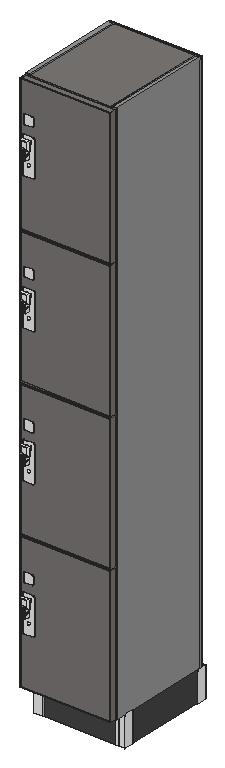
Revit family "Wood_Lockers_Hasps-Salsbury_Industries-44000_Series-1_Wide_Units.rfa", category Specialty Equipment, Revit 2016 (continued)
Definition of nested family "Premier Locker Doors_Hasp"
  Dimensions and locks (in)
    aligned and locked: plane 61 to Extrusion 13 sketch curve  (x2)
    aligned and locked: plane 62 to Extrusion 13 sketch curve  (x2)
  Automatic sketch dimensions
    Extrusion 1 sketch curve to plane 4 "Left Side of Door" = 0.031"
    plane 5 "Right Side of Door" to Extrusion 1 sketch curve = 0.031"
    level to Extrusion 1 sketch curve = 0.031"
    plane 9 "Top of Door" to Extrusion 1 sketch curve = 0.031"
    Extrusion 2 sketch curve to plane 4 "Left Side of Door" = 0.031"
    plane 5 "Right Side of Door" to Extrusion 2 sketch curve = 0.031"
    level to Extrusion 2 sketch curve = 0.031"
    plane 9 "Top of Door" to Extrusion 2 sketch curve = 0.031"
    Extrusion 3 sketch curve to plane 4 "Left Side of Door" = 0.031"
    plane 5 "Right Side of Door" to Extrusion 3 sketch curve = 0.031"
    level to Extrusion 3 sketch curve = 0.031"
    plane 9 "Top of Door" to Extrusion 3 sketch curve = 0.031"
    plane 23 "Left Side of Door-Right Side of Trim" to Sweep 4 sketch curve = 0.000"
    plane 24 "Right Side of Door-Left Side of Trim" to Sweep 4 sketch curve = 0.000"  (x2)
    Sweep 4 sketch curve to plane 26 "Bottom of Door-Top of Trim" = 0.000"
    Sweep 4 sketch curve to plane 25 "Top of Door-Bottom of Trim" = 0.000"
    profile plane to Sweep 4 sketch curve = 0.125"
    Sweep 4 sketch curve to Sweep 4 sketch curve = 0.031"
    Sweep 4 sketch curve to plane 1 "Center (Front/Back)" = 0.375"
    plane 1 "Center (Front/Back)" to Sweep 4 sketch curve = 0.375"
    Extrusion 7 sketch curve to plane 33 = 0.000"
    Extrusion 7 sketch curve to plane 34 = 0.000"
    plane 36 to Extrusion 8 sketch curve = 0.000"
    Extrusion 8 sketch curve to Extrusion 8 sketch curve = 0.500"
    plane 35 "Top Hinge" to Extrusion 8 sketch curve = 0.250"
    Extrusion 8 sketch curve to plane 35 "Top Hinge" = 0.250"
    plane 36 to Extrusion 9 sketch curve = 0.000"
    Extrusion 9 sketch curve to Extrusion 9 sketch curve = 0.500"
    plane 37 "Bottom Hinge" to Extrusion 9 sketch curve = 0.250"
    Extrusion 9 sketch curve to plane 37 "Bottom Hinge" = 0.250"
    plane 36 to Extrusion 10 sketch curve = 0.000"
    Extrusion 10 sketch curve to Extrusion 10 sketch curve = 0.500"
    curve 4 to level = 0.000"
    plane 4 "Left Side of Door" to curve 4 = 0.000"
    plane 5 "Right Side of Door" to curve 3 = 0.000"
    curve 3 to plane 9 "Top of Door" = 0.000"
    Extrusion 5 sketch curve to plane 13 "Left Side of Number Tag" = 0.000"
    Extrusion 5 sketch curve to plane 12 "Bottom of Number Tag" = 0.000"
    Extrusion 5 sketch curve to plane 11 "Top of Number Tag" = 0.000"
    Extrusion 5 sketch curve to plane 14 "Right Side of Number Tag" = 0.000"
    Extrusion 6 sketch curve to plane 13 "Left Side of Number Tag" = 0.000"
    Extrusion 6 sketch curve to plane 12 "Bottom of Number Tag" = 0.000"
    Extrusion 6 sketch curve to plane 11 "Top of Number Tag" = 0.000"
    Extrusion 6 sketch curve to plane 14 "Right Side of Number Tag" = 0.000"
    Extrusion 11 sketch curve to plane 13 "Left Side of Number Tag" = 0.125"
    Extrusion 10 sketch curve to plane 10 "Center of Door" = 0.250"
    plane 10 "Center of Door" to Extrusion 10 sketch curve = 0.250"
    Extrusion 11 sketch curve to plane 21 "Bottom of Lock" = 0.125"
    plane 13 "Left Side of Number Tag" to Extrusion 5 sketch curve = 0.14916"
    Extrusion 5 sketch curve to Extrusion 5 sketch curve = 0.14916"  (x2)
    plane 13 "Left Side of Number Tag" to Extrusion 6 sketch curve = 0.14916"
    Extrusion 6 sketch curve to plane 12 "Bottom of Number Tag" = 0.14916"
    plane 13 "Left Side of Number Tag" to Extrusion 11 sketch curve = 0.000"  (x2)
    Extrusion 5 sketch curve to plane 12 "Bottom of Number Tag" = 0.14916"
    Extrusion 6 sketch curve to plane 14 "Right Side of Number Tag" = 0.14916"  (x2)
    plane 14 "Right Side of Number Tag" to Extrusion 11 sketch curve = 0.000"  (x2)
    Extrusion 12 sketch curve to plane 17 "Left Side of Lock" = 0.000"
    plane 13 "Left Side of Number Tag" to Extrusion 12 sketch curve = 0.000"  (x2)
    plane 14 "Right Side of Number Tag" to Extrusion 12 sketch curve = 0.000"  (x2)
    Extrusion 12 sketch curve to plane 20 "Top of Lock" = 0.000"
    Extrusion 12 sketch curve to plane 18 "Right Side of Lock" = 0.000"
    Extrusion 12 sketch curve to plane 21 "Bottom of Lock" = 0.125"
    plane 15 "Horizontal Center of Number Tag" to Sweep 14 sketch curve = 0.000"
    Sweep 14 sketch curve to plane 50 "Stud Alignment" = 0.000"
    Sweep 14 sketch curve to plane 7 "Front of Door" = 0.000"
    Sweep 14 sketch curve to profile plane = 0.000"
    profile plane to Sweep 14 sketch curve = 0.00168"
    profile plane to Sweep 14 sketch curve = 0.156"
    Sweep 14 sketch curve to plane 7 "Front of Door" = 0.03275"
    Extrusion 15 sketch curve to Extrusion 15 sketch curve = 0.000"  (x2)
    Extrusion 15 sketch curve to plane 50 "Stud Alignment" = 0.000"
    plane 15 "Horizontal Center of Number Tag" to Extrusion 15 sketch curve = 0.000"
    plane 15 "Horizontal Center of Number Tag" to Extrusion 15 sketch curve = 0.010"
    plane 13 "Left Side of Number Tag" to Sweep 16 sketch curve = 0.000"
    plane 14 "Right Side of Number Tag" to Sweep 16 sketch curve = 0.000"
    Sweep 16 sketch curve to plane 45 = 0.000"
    Sweep 16 sketch curve to plane 42 = 0.000"
    Sweep 16 sketch curve to plane 7 "Front of Door" = 0.000"
    profile plane to Sweep 16 sketch curve = 0.000"
    profile plane to Sweep 16 sketch curve = 0.22043"
    Sweep 16 sketch curve to Sweep 16 sketch curve = 0.01681"
    profile plane to Sweep 16 sketch curve = 0.33926"
    Sweep 16 sketch curve to Sweep 16 sketch curve = 0.14344"
    Sweep 16 sketch curve to Sweep 16 sketch curve = 0.15329"
    Sweep 16 sketch curve to Sweep 16 sketch curve = 0.59563"
    Sweep 16 sketch curve to Sweep 16 sketch curve = 0.24142"
    Sweep 16 sketch curve to Sweep 16 sketch curve = 0.00858"
    Sweep 16 sketch curve to Sweep 16 sketch curve = 0.51788"
    Sweep 16 sketch curve to Sweep 16 sketch curve = 0.31119"
    Sweep 16 sketch curve to Sweep 16 sketch curve = 0.11721"
    Sweep 16 sketch curve to Sweep 16 sketch curve = 0.01742"
    Sweep 16 sketch curve to Sweep 16 sketch curve = 0.06553"
    Sweep 16 sketch curve to Sweep 16 sketch curve = 0.000"
    Blend 17 sketch curve to plane 54 = 0.000"
    Blend 17 sketch curve to plane 55 = 0.000"
    Blend 17 sketch curve to plane 47 = 0.21496"
    plane 48 to Blend 17 sketch curve = 0.21496"
    plane 54 to Blend 17 sketch curve = 0.03267"
    Blend 17 sketch curve to plane 40 = 0.00461"
    Blend 17 sketch curve to plane 47 = 0.18235"
    plane 48 to Blend 17 sketch curve = 0.18227"
    Extrusion 18 sketch curve to plane 57 = 0.000"
    Extrusion 18 sketch curve to plane 58 = 0.000"
    plane 59 to Extrusion 19 sketch curve = 0.000"
    Extrusion 19 sketch curve to plane 22 "Front of Hasp Stud" = 0.16637"
    curve 29 to plane 14 "Right Side of Number Tag" = 0.000"
    curve 29 to plane 20 "Top of Lock" = 0.000"
    curve 30 to plane 18 "Right Side of Lock" = 0.000"
    curve 29 to plane 13 "Left Side of Number Tag" = 0.000"
    curve 31 to plane 42 = 0.000"
    curve 32 to plane 21 "Bottom of Lock" = 0.125"
    curve 34 to plane 14 "Right Side of Number Tag" = 0.000"
    curve 35 to plane 13 "Left Side of Number Tag" = 0.000"
    plane 15 "Horizontal Center of Number Tag" to curve 37 = 0.000"
    plane 47 to curve 37 = 0.000"
    plane 57 to curve 37 = 0.0599"
    curve 39 to plane 58 = 0.0661"
    curve 42 to plane 14 "Right Side of Number Tag" = 0.000"
    curve 41 to plane 13 "Left Side of Number Tag" = 0.000"
    curve 41 to plane 45 = 0.000"
    curve 43 to plane 42 = 0.000"
    curve 46 to plane 57 = 0.000"
    curve 46 to plane 15 "Horizontal Center of Number Tag" = 0.063"
    plane 15 "Horizontal Center of Number Tag" to curve 45 = 0.063"
    curve 47 to plane 58 = 0.000"
    curve 15 to plane 6 "Back of Door" = 0.000"
    plane 9 "Top of Door" to curve 15 = 0.000"
    plane 57 to curve 49 = 0.000"
    curve 51 to plane 56 "Front of Latch" = 0.000"
    plane 58 to curve 51 = 0.000"
    curve 17 to level = 0.000"
    plane 59 to curve 52 = 0.000"
    curve 53 to plane 22 "Front of Hasp Stud" = 0.16637"
    plane 7 "Front of Door" to curve 53 = 0.04137"
    plane 53 to curve 54 = 0.05633"
    curve 54 to plane 22 "Front of Hasp Stud" = 0.11642"
    plane 55 to curve 55 = 0.00161"
    curve 55 to plane 40 = 0.00465"
    plane 45 to curve 56 = 0.000"
    curve 56 to plane 39 "Front of Knob" = 0.01788"
    curve 56 to plane 40 = 0.08926"
    plane 55 to curve 57 = 0.000"
    curve 57 to plane 40 = 0.03757"
    plane 39 "Front of Knob" to curve 57 = 0.004"
    plane 42 to curve 60 = 0.000"
    curve 58 to plane 39 "Front of Knob" = 0.000"
    plane 54 to curve 58 = 0.000"
    plane 54 to curve 59 = 0.000"
    plane 55 to curve 58 = 0.000"
    curve 60 to plane 39 "Front of Knob" = 0.01788"
    curve 60 to plane 52 = 0.09774"
    plane 54 to curve 60 = 0.03261"
    plane 56 "Front of Latch" to curve 59 = 0.02711"
    plane 54 to curve 59 = 0.06553"
    plane 39 "Front of Knob" to curve 59 = 0.004"
    curve 61 to plane 54 = 0.00161"
    curve 61 to plane 22 "Front of Hasp Stud" = 0.11642"
    plane 6 "Back of Door" to curve 9 = 0.000"
    curve 6 to plane 4 "Left Side of Door" = 0.000"
    plane 7 "Front of Door" to curve 6 = 0.000"
    plane 7 "Front of Door" to curve 28 = 0.000"
    curve 67 to plane 14 "Right Side of Number Tag" = 0.000"
    curve 65 to plane 13 "Left Side of Number Tag" = 0.000"
    curve 66 to plane 39 "Front of Knob" = 0.000"
    curve 28 to plane 17 "Left Side of Lock" = 0.000"
    curve 28 to plane 18 "Right Side of Lock" = 0.000"
    curve 8 to plane 5 "Right Side of Door" = 0.000"
    curve 64 to plane 22 "Front of Hasp Stud" = 0.11642"
    curve 69 to plane 22 "Front of Hasp Stud" = 0.11642"
    curve 68 to plane 39 "Front of Knob" = 0.01788"
    curve 65 to plane 39 "Front of Knob" = 0.01788"
    curve 14 to plane 23 "Left Side of Door-Right Side of Trim" = 0.07537"
    plane 48 to curve 64 = 0.21657"
    plane 48 to curve 65 = 0.09774"
    plane 48 to curve 63 = 0.05633"
    curve 70 to plane 47 = 0.05633"
    curve 68 to plane 47 = 0.09774"
    curve 69 to curve 69 = 0.16024"
    curve 64 to curve 65 = 0.15655"
    curve 69 to curve 68 = 0.15655"
    plane 39 "Front of Knob" to curve 67 = 0.004"
    plane 33 to curve 14 = 0.250"
    curve 66 to curve 65 = 0.11721"
    curve 67 to plane 47 = 0.14943"
    curve 68 to curve 66 = 0.11721"
    curve 67 to curve 66 = 0.000"
    plane 39 "Front of Knob" to curve 71 = 0.004"
    curve 71 to curve 66 = 0.000"
    plane 48 to curve 71 = 0.14943"
    plane 1 "Center (Front/Back)" to curve 73 = 0.000"
    curve 73 to plane 4 "Left Side of Door" = 0.000"
    curve 73 to plane 60 = 0.000"
    plane 48 to Extrusion 13 sketch curve = 0.000"
    plane 15 "Horizontal Center of Number Tag" to Extrusion 13 sketch curve = 0.000"
    radius of Extrusion 7 sketch curve = 0.250"
    radius of Sweep 14 sketch curve = 0.010"
    radius of Extrusion 19 sketch curve = 0.250"
Definition of nested family "Wood Locker Bases"
  Parameters (values of type "Base - 12" W x 15" D Lockers")
    Width = 12.000"
    Visible Base = yes
    Visible = no
    Model = "Base - 12\" W x 15\" D Lockers"
    Manufacturer = "Salsbury Industries"
    Height = 4.000"
    Depth = 13.250"
    Base Secondary Material = none
    Base Primary Materials = none
    Base Hardware = none
  Types (14): name | Width | Visible Base | Visible | Model | Depth
    (no name) | 12.000" | yes | no | "Base - 12\" W x 15\" D Lockers" | 13.250"
    Base - 12" W x 15" D Lockers | 12.000" | yes | no | "Base - 12\" W x 15\" D Lockers" | 13.250"
    Base - 12" W x 18" D Lockers | 12.000" | yes | no | "Base - 12\" W x 18\" D Lockers" | 16.250"
    Base - 12" W x 21" D Lockers | 12.000" | yes | no | "Base - 12\" W x 21\" D Lockers" | 19.250"
    Base - 36" W x 15" D Lockers | 36.000" | yes | yes | "Base - 36\" W x 15\" D Lockers" | 13.250"
    Base - 36" W x 18" D Lockers | 36.000" | yes | yes | "Base - 36\" W x 18\" D Lockers" | 16.250"
    Base - 36" W x 21" D Lockers | 36.000" | yes | yes | "Base - 36\" W x 21\" D Lockers" | 19.250"
    Base - 15" W x 18" D Lockers | 15.000" | yes | no | "Base - 15\" W x 18\" D Lockers" | 16.250"
    Base - 15" W x 21" D Lockers | 15.000" | yes | no | "Base - 15\" W x 21\" D Lockers" | 19.250"
    Base - 15" W x 24" D Lockers | 15.000" | yes | no | "Base - 15\" W x 24\" D Lockers" | 22.250"
    Base - 45" W x 18" D Lockers | 45.000" | yes | yes | "Base - 45\" W x 18\" D Lockers" | 16.250"
    Base - 45" W x 21" D Lockers | 45.000" | yes | yes | "Base - 45\" W x 21\" D Lockers" | 19.250"
    Base - 45" W x 24" D Lockers | 45.000" | yes | yes | "Base - 45\" W x 24\" D Lockers" | 22.250"
    None | 12.000" | no | no | "Base - 12\" W x 15\" D Lockers" | 13.250"
  Reference planes (in)
    plane 1 "Center (Front/Back)": y = 0
    plane 2: z = 0
    plane 3 "Center (Left/Right)": x = 0
    plane 4 "Left Edge": x = -6
    plane 5 "Right Edge": x = 6
    plane 6 "Back Edge": y = 6.625
    plane 7 "Front Edge": y = -6.625
    plane 8 "Bottom Edge": z = 0
    plane 9 "Top Edge": z = 4
    plane 10: x = -4.75
    plane 11: x = -4.102
    plane 12: y = 6.562
    plane 13: y = 5.8
    plane 14: x = -5.131
    plane 15: x = -5.256
    plane 16: x = -5.937
    plane 17: x = -5.175
    plane 18: y = 4.727
    plane 19: y = 5.375
    plane 20: y = 5.756
    plane 21: y = 5.881
    plane 22: x = -5.931
    plane 23: x = 5.931
    plane 24: y = 6.556
    plane 25: y = -6.556
    plane 26: y = 6.525
    plane 27: y = -6.525
    plane 28: x = -5.9
    plane 29: x = 5.9
    plane 30: x = -2.375
    plane 31: x = 2.375
  Forms (in)
    Extrusion 1, solid, material <- "Base Hardware", visible <- "Visible Base"
      sketch origin (0, 0, 0) x (1, 0, 0) y (0, 1, 0)
        loop
          arc (-5.96712, 6.625) -> (-5.99098, 6.61598) -> (-6, 6.59212) r 0.031
          line (-6, 6.59212) -> (-6, 5.4065)
          arc (-6, 5.4065) -> (-5.9685, 5.375) -> (-5.937, 5.4065) r 0.0315
          line (-5.937, 5.4065) -> (-5.937, 5.756) -> (-5.837, 5.756) -> (-5.837, 5.819) -> (-5.937, 5.819) -> (-5.937, 6.51465) -> (-5.256, 5.83365) -> (-5.256, 5.756) -> (-5.175, 5.756) -> (-5.175, 4.75833)
          arc (-5.175, 4.75833) -> (-5.14367, 4.727) -> (-5.11235, 4.75833) r 0.03133
          line (-5.11235, 4.75833) -> (-5.11235, 5.73703) -> (-4.13348, 5.73703)
          arc (-4.13348, 5.73703) -> (-4.102, 5.76852) -> (-4.13348, 5.8) r 0.03148
          line (-4.13348, 5.8) -> (-5.131, 5.8) -> (-5.131, 5.881) -> (-5.21422, 5.881) -> (-5.89522, 6.562) -> (-5.194, 6.562) -> (-5.194, 6.462) -> (-5.131, 6.462) -> (-5.131, 6.562) -> (-4.7814, 6.562)
          arc (-4.7814, 6.562) -> (-4.7499, 6.5935) -> (-4.7814, 6.625) r 0.0315
          line (-4.7814, 6.625) -> (-5.96712, 6.625)
      from 0 to 4
    Extrusion 2, solid, material <- "Base Hardware", visible <- "Visible Base"
      sketch origin (0, 0, 0) x (-1, 0, 0) y (0, -1, 0)
        loop
          line (-5.96712, -6.625) -> (-4.7814, -6.625)
          arc (-4.7814, -6.625) -> (-4.7499, -6.5935) -> (-4.7814, -6.562) r 0.0315
          line (-4.7814, -6.562) -> (-5.131, -6.562) -> (-5.131, -6.462) -> (-5.194, -6.462) -> (-5.194, -6.562) -> (-5.89522, -6.562) -> (-5.21422, -5.881) -> (-5.131, -5.881) -> (-5.131, -5.8) -> (-4.13348, -5.8)
          arc (-4.13348, -5.8) -> (-4.102, -5.76852) -> (-4.13348, -5.73703) r 0.03148
          line (-4.13348, -5.73703) -> (-5.11235, -5.73703) -> (-5.11235, -4.75833)
          arc (-5.11235, -4.75833) -> (-5.14367, -4.727) -> (-5.175, -4.75833) r 0.03133
          line (-5.175, -4.75833) -> (-5.175, -5.756) -> (-5.256, -5.756) -> (-5.256, -5.83365) -> (-5.937, -6.51465) -> (-5.937, -5.819) -> (-5.837, -5.819) -> (-5.837, -5.756) -> (-5.937, -5.756) -> (-5.937, -5.4065)
          arc (-5.937, -5.4065) -> (-5.9685, -5.375) -> (-6, -5.4065) r 0.0315
          line (-6, -5.4065) -> (-6, -6.59212)
          arc (-6, -6.59212) -> (-5.99098, -6.61598) -> (-5.96712, -6.625) r 0.031
      from 0 to 4
    Extrusion 3, solid, material <- "Base Hardware", visible <- "Visible Base"
      sketch origin (0, 0, 0) x (1, 0, 0) y (0, 1, 0)
        loop
          line (-5.96712, -6.625) -> (-4.7814, -6.625)
          arc (-4.7814, -6.625) -> (-4.7499, -6.5935) -> (-4.7814, -6.562) r 0.0315
          line (-4.7814, -6.562) -> (-5.131, -6.562) -> (-5.131, -6.462) -> (-5.194, -6.462) -> (-5.194, -6.562) -> (-5.89522, -6.562) -> (-5.21422, -5.881) -> (-5.131, -5.881) -> (-5.131, -5.8) -> (-4.13348, -5.8)
          arc (-4.13348, -5.8) -> (-4.102, -5.76852) -> (-4.13348, -5.73703) r 0.03148
          line (-4.13348, -5.73703) -> (-5.11235, -5.73703) -> (-5.11235, -4.75833)
          arc (-5.11235, -4.75833) -> (-5.14367, -4.727) -> (-5.175, -4.75833) r 0.03133
          line (-5.175, -4.75833) -> (-5.175, -5.756) -> (-5.256, -5.756) -> (-5.256, -5.83365) -> (-5.937, -6.51465) -> (-5.937, -5.819) -> (-5.837, -5.819) -> (-5.837, -5.756) -> (-5.937, -5.756) -> (-5.937, -5.4065)
          arc (-5.937, -5.4065) -> (-5.9685, -5.375) -> (-6, -5.4065) r 0.0315
          line (-6, -5.4065) -> (-6, -6.59212)
          arc (-6, -6.59212) -> (-5.99098, -6.61598) -> (-5.96712, -6.625) r 0.031
      from 0 to 4
    Extrusion 4, solid, material <- "Base Hardware", visible <- "Visible Base"
      sketch origin (0, 0, 0) x (-1, 0, 0) y (0, -1, 0)
        loop
          arc (-5.96712, 6.625) -> (-5.99098, 6.61598) -> (-6, 6.59212) r 0.031
          line (-6, 6.59212) -> (-6, 5.4065)
          arc (-6, 5.4065) -> (-5.9685, 5.375) -> (-5.937, 5.4065) r 0.0315
          line (-5.937, 5.4065) -> (-5.937, 5.756) -> (-5.837, 5.756) -> (-5.837, 5.819) -> (-5.937, 5.819) -> (-5.937, 6.51465) -> (-5.256, 5.83365) -> (-5.256, 5.756) -> (-5.175, 5.756) -> (-5.175, 4.75833)
          arc (-5.175, 4.75833) -> (-5.14367, 4.727) -> (-5.11235, 4.75833) r 0.03133
          line (-5.11235, 4.75833) -> (-5.11235, 5.73703) -> (-4.13348, 5.73703)
          arc (-4.13348, 5.73703) -> (-4.102, 5.76852) -> (-4.13348, 5.8) r 0.03148
          line (-4.13348, 5.8) -> (-5.131, 5.8) -> (-5.131, 5.881) -> (-5.21422, 5.881) -> (-5.89522, 6.562) -> (-5.194, 6.562) -> (-5.194, 6.462) -> (-5.131, 6.462) -> (-5.131, 6.562) -> (-4.7814, 6.562)
          arc (-4.7814, 6.562) -> (-4.7499, 6.5935) -> (-4.7814, 6.625) r 0.0315
          line (-4.7814, 6.625) -> (-5.96712, 6.625)
      from 0 to 4
    Extrusion 5, solid, material <- "Base Secondary Material", visible <- "Visible Base"
      sketch origin (0, 0, 0) x (0, -1, 0) y (1, 0, 0)
        loop
          line (-5.756, 5.9) -> (-5.756, 5.181) -> (5.75697, 5.181) -> (5.75697, 5.9) -> (-5.756, 5.9)
      from 0 to 4
    Extrusion 6, solid, material <- "Base Secondary Material", visible <- "Visible Base"
      sketch origin (0, 0, 0) x (0, -1, 0) y (1, 0, 0)
        loop
          line (-5.756, -5.9) -> (5.75697, -5.9) -> (5.75697, -5.181) -> (-5.756, -5.181) -> (-5.756, -5.9)
      from 0 to 4
    Extrusion 7, solid, material <- "Base Secondary Material", visible <- "Visible Base"
      sketch origin (-2.05521, 0.625, 0) x (1, 0, 0) y (0, 1, 0)
        loop
          line (-3.07579, 5.9) -> (-3.07579, 5.181) -> (7.18621, 5.181) -> (7.18621, 5.9) -> (-3.07579, 5.9)
      from 0 to 4
    Extrusion 8, solid, material <- "Base Secondary Material", visible <- "Visible Base"
      sketch origin (-2.05521, -0.625, 0) x (1, 0, 0) y (0, 1, 0)
        loop
          line (-3.07579, -5.9) -> (7.18621, -5.9) -> (7.18621, -5.181) -> (-3.07579, -5.181) -> (-3.07579, -5.9)
      from 0 to 4
    Extrusion 9, solid, material <- "Base Primary Materials", visible <- "Visible Base"
      sketch origin (0.76452, 0, 0) x (0, -1, 0) y (1, 0, 0)
        loop
          line (-5.756, 5.16648) -> (-5.756, 5.13548) -> (5.75697, 5.13548) -> (5.75697, 5.16648) -> (-5.756, 5.16648)
      from 0 to 4
    Extrusion 10, solid, material <- "Base Primary Materials", visible <- "Visible Base"
      sketch origin (-0.719, 0, 0) x (0, -1, 0) y (1, 0, 0)
        loop
          line (-5.756, -5.212) -> (5.75697, -5.212) -> (5.75697, -5.181) -> (-5.756, -5.181) -> (-5.756, -5.212)
      from 0 to 4
    Extrusion 11, solid, material <- "Base Primary Materials", visible <- "Visible Base"
      sketch origin (-2.05521, 1.344, 0) x (1, 0, 0) y (0, 1, 0)
        loop
          line (-3.07579, 5.218) -> (-3.07579, 5.181) -> (7.18621, 5.181) -> (7.18621, 5.218) -> (-3.07579, 5.218)
      from 0 to 4
    Extrusion 12, solid, material <- "Base Primary Materials", visible <- "Visible Base"
      sketch origin (-2.05521, -1.344, 0) x (1, 0, 0) y (0, 1, 0)
        loop
          line (-3.07579, -5.212) -> (7.18621, -5.212) -> (7.18621, -5.181) -> (-3.07579, -5.181) -> (-3.07579, -5.212)
      from 0 to 4
    Extrusion 13, solid, material <- "Base Secondary Material", visible <- "Visible"
      sketch origin (0, 0, 4) x (0, -1, 0) y (1, 0, 0)
        loop
          line (-5.806, -2.375) -> (5.806, -2.375) -> (5.806, 2.375) -> (-5.806, 2.375) -> (-5.806, -2.375)
      from 0 to -0.75
    Extrusion 14, solid, material <- "Base Secondary Material", visible <- "Visible"
      sketch origin (0, 0, 0) x (0, -1, 0) y (1, 0, 0)
        loop
          line (-5.806, -2.375) -> (-5.056, -2.375) -> (-5.056, 2.375) -> (-5.806, 2.375) -> (-5.806, -2.375)
      from 0 to 3.25
    Extrusion 15, solid, material <- "Base Secondary Material", visible <- "Visible"
      sketch origin (0, 0, 0) x (0, 1, 0) y (-1, 0, 0)
        loop
          line (-5.806, 2.375) -> (-5.806, -2.375) -> (-5.056, -2.375) -> (-5.056, 2.375) -> (-5.806, 2.375)
      from 0 to 3.25
  Dimensions and locks (in)
    equal spacing: plane 4 "Left Edge", plane 3 "Center (Left/Right)", plane 5 "Right Edge"
    "Width": plane 4 "Left Edge" to plane 5 "Right Edge"
    equal spacing: plane 7 "Front Edge", plane 1 "Center (Front/Back)", plane 6 "Back Edge"
    "Depth": plane 7 "Front Edge" to plane 6 "Back Edge"
    "Height": plane 9 "Top Edge" to plane 8 "Bottom Edge"
    locked: plane 4 "Left Edge" to plane 10 at 1.25
    locked: plane 4 "Left Edge" to plane 11 at 1.898
    locked: plane 12 to plane 6 "Back Edge" at 0.063
    plane 14 to plane 10 = 0.381"
    locked: plane 12 to plane 13 at 0.762
    locked: plane 4 "Left Edge" to plane 16 at 0.063
    locked: plane 16 to plane 17 at 0.762
    locked: plane 19 to plane 6 "Back Edge" at 1.25
    locked: plane 18 to plane 6 "Back Edge" at 1.898
    plane 15 to plane 17 = 0.081"
    plane 21 to plane 13 = 0.081"
    plane 19 to plane 20 = 0.381"
    plane 24 to plane 6 "Back Edge" = 0.069"
    plane 7 "Front Edge" to plane 25 = 0.069"
    plane 23 to plane 5 "Right Edge" = 0.069"
    plane 4 "Left Edge" to plane 22 = 0.069"
    plane 26 to plane 24 = 0.031"
    plane 25 to plane 27 = 0.031"
    plane 22 to plane 28 = 0.031"
    plane 29 to plane 23 = 0.031"
    plane 30 to plane 3 "Center (Left/Right)" to plane 31 = 2.375" locked, 2.375" locked
    aligned and locked: level to plane 2
    aligned and locked: plane 30 to Extrusion 13
    aligned and locked: plane 30 to Extrusion 14
    aligned and locked: plane 30 to Extrusion 15
    aligned and locked: Extrusion 13 to plane 31
    aligned and locked: Extrusion 14 to plane 31
    aligned and locked: Extrusion 15 to plane 31
  Automatic sketch dimensions
    Extrusion 1 sketch curve to plane 4 "Left Edge" = 0.000"
    plane 6 "Back Edge" to Extrusion 1 sketch curve = 0.000"
    Extrusion 1 sketch curve to plane 16 = 0.000"  (x2)
    Extrusion 1 sketch curve to plane 12 = 0.000"  (x2)
    plane 20 to Extrusion 1 sketch curve = 0.000"  (x2)
    Extrusion 1 sketch curve to plane 15 = 0.000"
    plane 21 to Extrusion 1 sketch curve = 0.000"
    Extrusion 1 sketch curve to plane 17 = 0.000"
    Extrusion 1 sketch curve to plane 14 = 0.000"  (x2)
    Extrusion 1 sketch curve to plane 13 = 0.000"
    Extrusion 1 sketch curve to plane 4 "Left Edge" = 0.03094"
    plane 16 to Extrusion 1 sketch curve = 0.03012"
    Extrusion 1 sketch curve to plane 28 = 0.00478"
    Extrusion 1 sketch curve to plane 28 = 0.063"
    plane 17 to Extrusion 1 sketch curve = 0.03922"
    plane 17 to Extrusion 1 sketch curve = 0.019"
    plane 14 to Extrusion 1 sketch curve = 0.01267"
    plane 10 to Extrusion 1 sketch curve = 0.0314"
    plane 11 to Extrusion 1 sketch curve = 0.03148"
    plane 20 to Extrusion 1 sketch curve = 0.01897"
    Extrusion 1 sketch curve to plane 19 = 0.0315"
    Extrusion 1 sketch curve to plane 18 = 0.03133"
    plane 13 to Extrusion 1 sketch curve = 0.019"
    plane 13 to Extrusion 1 sketch curve = 0.03365"
    plane 26 to Extrusion 1 sketch curve = 0.063"
    plane 26 to Extrusion 1 sketch curve = 0.01035"
    plane 12 to Extrusion 1 sketch curve = 0.03012"
    Extrusion 2 sketch curve to plane 5 "Right Edge" = 0.000"
    plane 6 "Back Edge" to Extrusion 2 sketch curve = 0.000"
    plane 20 to Extrusion 2 sketch curve = 0.000"  (x2)
    plane 12 to Extrusion 2 sketch curve = 0.000"  (x2)
    plane 21 to Extrusion 2 sketch curve = 0.000"
    plane 13 to Extrusion 2 sketch curve = 0.000"
    Extrusion 2 sketch curve to plane 5 "Right Edge" = 0.03094"
    Extrusion 2 sketch curve to Extrusion 2 sketch curve = 0.0315"
    Extrusion 2 sketch curve to Extrusion 2 sketch curve = 0.00194"
    plane 23 to Extrusion 2 sketch curve = 0.006"
    Extrusion 2 sketch curve to plane 29 = 0.00478"
    Extrusion 2 sketch curve to plane 29 = 0.063"
    Extrusion 2 sketch curve to plane 13 = 0.03365"
    Extrusion 2 sketch curve to Extrusion 2 sketch curve = 0.581"
    Extrusion 2 sketch curve to Extrusion 2 sketch curve = 0.04178"
    Extrusion 2 sketch curve to plane 26 = 0.063"
    Extrusion 2 sketch curve to Extrusion 2 sketch curve = 0.02022"
    plane 18 to Extrusion 2 sketch curve = 0.03133"
    Extrusion 2 sketch curve to plane 29 = 0.725"
    Extrusion 2 sketch curve to Extrusion 2 sketch curve = 0.03133"
    Extrusion 2 sketch curve to Extrusion 2 sketch curve = 0.063"
    Extrusion 2 sketch curve to Extrusion 2 sketch curve = 0.08322"
    Extrusion 2 sketch curve to Extrusion 2 sketch curve = 0.3496"
    Extrusion 2 sketch curve to Extrusion 2 sketch curve = 0.97886"
    plane 19 to Extrusion 2 sketch curve = 0.0315"
    Extrusion 2 sketch curve to plane 20 = 0.01897"
    Extrusion 2 sketch curve to plane 13 = 0.019"
    Extrusion 2 sketch curve to plane 26 = 0.01035"
    Extrusion 2 sketch curve to plane 12 = 0.03012"
    Extrusion 3 sketch curve to plane 4 "Left Edge" = 0.000"
    plane 7 "Front Edge" to Extrusion 3 sketch curve = 0.000"
    Extrusion 3 sketch curve to plane 16 = 0.000"  (x2)
    Extrusion 3 sketch curve to plane 15 = 0.000"
    Extrusion 3 sketch curve to plane 17 = 0.000"
    Extrusion 3 sketch curve to plane 14 = 0.000"  (x2)
    plane 4 "Left Edge" to Extrusion 3 sketch curve = 0.03094"
    Extrusion 3 sketch curve to plane 16 = 0.03012"
    plane 28 to Extrusion 3 sketch curve = 0.00478"
    plane 28 to Extrusion 3 sketch curve = 0.063"
    Extrusion 3 sketch curve to plane 17 = 0.03922"
    Extrusion 3 sketch curve to plane 17 = 0.019"
    Extrusion 3 sketch curve to plane 14 = 0.01267"
    Extrusion 3 sketch curve to plane 25 = 0.006"  (x2)
    Extrusion 3 sketch curve to plane 10 = 0.0314"
    Extrusion 3 sketch curve to plane 11 = 0.03148"
    plane 27 to Extrusion 3 sketch curve = 0.01035"
    plane 27 to Extrusion 3 sketch curve = 0.063"
    Extrusion 3 sketch curve to Extrusion 3 sketch curve = 0.581"
    Extrusion 3 sketch curve to Extrusion 3 sketch curve = 0.04735"
    Extrusion 3 sketch curve to Extrusion 3 sketch curve = 0.01465"
    Extrusion 3 sketch curve to Extrusion 3 sketch curve = 0.081"
    Extrusion 3 sketch curve to Extrusion 3 sketch curve = 0.03148"
    Extrusion 3 sketch curve to Extrusion 3 sketch curve = 0.044"
    Extrusion 3 sketch curve to Extrusion 3 sketch curve = 0.063"
    Extrusion 3 sketch curve to Extrusion 3 sketch curve = 0.3495"
    Extrusion 3 sketch curve to Extrusion 3 sketch curve = 0.97871"
    plane 7 "Front Edge" to Extrusion 3 sketch curve = 0.03288"
    Extrusion 4 sketch curve to plane 5 "Right Edge" = 0.000"
    plane 7 "Front Edge" to Extrusion 4 sketch curve = 0.000"
    plane 5 "Right Edge" to Extrusion 4 sketch curve = 0.03094"
    Extrusion 4 sketch curve to Extrusion 4 sketch curve = 0.0315"
    Extrusion 4 sketch curve to Extrusion 4 sketch curve = 0.00194"
    Extrusion 4 sketch curve to plane 23 = 0.006"
    plane 29 to Extrusion 4 sketch curve = 0.00478"
    plane 29 to Extrusion 4 sketch curve = 0.063"
    Extrusion 4 sketch curve to Extrusion 4 sketch curve = 0.581"
    Extrusion 4 sketch curve to Extrusion 4 sketch curve = 0.04178"
    Extrusion 4 sketch curve to plane 27 = 0.063"
    Extrusion 4 sketch curve to Extrusion 4 sketch curve = 0.02022"
    plane 29 to Extrusion 4 sketch curve = 0.725"
    Extrusion 4 sketch curve to Extrusion 4 sketch curve = 0.03133"
    Extrusion 4 sketch curve to Extrusion 4 sketch curve = 0.063"  (x2)
    Extrusion 4 sketch curve to Extrusion 4 sketch curve = 0.08322"
    plane 25 to Extrusion 4 sketch curve = 0.006"  (x2)
    Extrusion 4 sketch curve to Extrusion 4 sketch curve = 0.3496"
    Extrusion 4 sketch curve to plane 27 = 0.725"
    Extrusion 4 sketch curve to Extrusion 4 sketch curve = 0.97886"
    Extrusion 4 sketch curve to Extrusion 4 sketch curve = 0.03148"
    Extrusion 4 sketch curve to Extrusion 4 sketch curve = 0.044"
    Extrusion 4 sketch curve to Extrusion 4 sketch curve = 0.000"
    Extrusion 4 sketch curve to Extrusion 4 sketch curve = 0.3495"
    Extrusion 4 sketch curve to Extrusion 4 sketch curve = 0.97871"
    Extrusion 4 sketch curve to Extrusion 4 sketch curve = 0.07765"
    Extrusion 4 sketch curve to Extrusion 4 sketch curve = 0.081"
    Extrusion 4 sketch curve to plane 27 = 0.01035"
    Extrusion 4 sketch curve to plane 7 "Front Edge" = 0.03288"
    plane 20 to Extrusion 5 sketch curve = 0.000"
    Extrusion 5 sketch curve to plane 29 = 0.000"
    Extrusion 5 sketch curve to plane 27 = 0.76803"
    plane 29 to Extrusion 5 sketch curve = 0.719"
    plane 20 to Extrusion 6 sketch curve = 0.000"
    Extrusion 6 sketch curve to plane 28 = 0.000"
    plane 27 to Extrusion 6 sketch curve = 0.76803"
    Extrusion 6 sketch curve to plane 17 = 0.006"
    Extrusion 7 sketch curve to plane 14 = 0.000"
    plane 26 to Extrusion 7 sketch curve = 0.000"
    plane 29 to Extrusion 7 sketch curve = 0.769"
    plane 13 to Extrusion 7 sketch curve = 0.006"
    Extrusion 8 sketch curve to plane 14 = 0.000"
    plane 27 to Extrusion 8 sketch curve = 0.000"
    Extrusion 8 sketch curve to plane 29 = 0.769"
    plane 27 to Extrusion 8 sketch curve = 0.719"
    plane 20 to Extrusion 9 sketch curve = 0.000"
    Extrusion 9 sketch curve to plane 23 = 0.000"
    Extrusion 9 sketch curve to plane 29 = 0.000"
    Extrusion 9 sketch curve to plane 27 = 0.76803"
    plane 20 to Extrusion 10 sketch curve = 0.000"
    Extrusion 10 sketch curve to plane 22 = 0.000"
    Extrusion 10 sketch curve to plane 28 = 0.000"
    plane 27 to Extrusion 10 sketch curve = 0.76803"
    Extrusion 11 sketch curve to plane 14 = 0.000"
    plane 12 to Extrusion 11 sketch curve = 0.000"
    plane 26 to Extrusion 11 sketch curve = 0.000"
    plane 29 to Extrusion 11 sketch curve = 0.769"
    Extrusion 12 sketch curve to plane 14 = 0.000"
    plane 25 to Extrusion 12 sketch curve = 0.000"
    plane 27 to Extrusion 12 sketch curve = 0.000"
    Extrusion 12 sketch curve to plane 29 = 0.769"
    plane 13 to Extrusion 13 sketch curve = 0.006"
    Extrusion 13 sketch curve to plane 27 = 0.719"
    Extrusion 13 sketch curve to plane 11 = 1.727"
    plane 3 "Center (Left/Right)" to Extrusion 13 sketch curve = 2.375"
    plane 13 to Extrusion 14 sketch curve = 0.006"
    plane 19 to Extrusion 14 sketch curve = 0.319"
    Extrusion 14 sketch curve to plane 11 = 1.727"
    plane 3 "Center (Left/Right)" to Extrusion 14 sketch curve = 2.375"
    plane 27 to Extrusion 15 sketch curve = 0.719"
    Extrusion 15 sketch curve to Extrusion 15 sketch curve = 0.750"
    plane 11 to Extrusion 15 sketch curve = 1.727"
    Extrusion 15 sketch curve to plane 3 "Center (Left/Right)" = 2.375"
Definition of nested family "Wood Locker Sloping Hoods"
  Parameters (values of type "44359 - for 15" Deep Lockers (3 Wide)")
    Width = 36.000"
    Visible = yes
    Version = "1.0 (12/15/23)"
    Type Comments = "Sloping Hood for Premier Wood Lockers"
    Model = "44359"
    Manufacturer = "Salsbury Industries"
    Laminate Surface = none
    Height = 5.743"
    Description = "For 15\" D - 3 Wide Lockers"
    Depth = 14.625"
  Types (20): name | Width | Visible | Version | Type Comments | Model | Manufacturer | Height | Description | Depth
    (no name) | 36.000" | yes | "1.0 (12/15/23)" | "Sloping Hood for Premier Wood Lockers" | "44359" | "Salsbury Industries" | 5.743" | "For 15\" D - 3 Wide Lockers" | 14.625"
    44357 - for 15" Deep Lockers (1 Wide) | 12.000" | yes | "1.0 (12/15/23)" | "Sloping Hood for Premier Wood Lockers" | "44357" | "Salsbury Industries" | 5.743" | "For 15\" D - 1 Wide Lockers" | 14.625"
    44353 - for 18" Deep Lockers (1 Wide) | 12.000" | yes | "1.0 (12/15/23)" | "Sloping Hood for Premier Wood Lockers" | "44353" | "Salsbury Industries" | 6.868" | "For 18\" D - 1 Wide Lockers" | 17.625"
    44352 - for 21" Deep Lockers (1 Wide) | 12.000" | yes | "1.0 (12/15/23)" | "Sloping Hood for Premier Wood Lockers" | "44352" | "Salsbury Industries" | 7.993" | "For 21\" D - 1 Wide Lockers" | 20.625"
    44359 - for 15" Deep Lockers (3 Wide) | 36.000" | yes | "1.0 (12/15/23)" | "Sloping Hood for Premier Wood Lockers" | "44359" | "Salsbury Industries" | 5.743" | "For 15\" D - 3 Wide Lockers" | 14.625"
    44356 - for 18" Deep Lockers (3 Wide) | 36.000" | yes | "1.0 (12/15/23)" | "Sloping Hood for Premier Wood Lockers" | "44356" | "Salsbury Industries" | 6.868" | "For 18\" D - 3 Wide Lockers" | 17.625"
    44354 - for 21" Deep Lockers (3 Wide) | 36.000" | yes | "1.0 (12/15/23)" | "Sloping Hood for Premier Wood Lockers" | "44354" | "Salsbury Industries" | 7.993" | "For 21\" D - 3 Wide Lockers" | 20.625"
    44255 - for 24" Deep Lockers (1 Wide) | 15.000" | yes | "1.0 (12/15/23)" | "Sloping Hood for Premier Wood Lockers" | "44255" | "Salsbury Industries" | 9.118" | "For 24\" D - 1 Wood Lockers" | 23.625"
    442257 - for 24" Deep Lockers (3 Wide) | 45.000" | yes | "1.0 (12/15/23)" | "Sloping Hood for Premier Wod Lockers" | "44257" | "Salsbury Industries" | 9.118" | "For 24\" D - 3 Wide Lockers" | 23.625"
    44252 - for 21" Deep Lockers (1 Wide) | 15.000" | yes | "1.0 (12/15/23)" | "Sloping Hood for 15\" Wide Premier Wood Lockers" | "44252" | "Salsbury Industries" | 7.993" | "For 21\" D - 1 Wide Lockers" | 20.625"
    44254 - for 21" Deep Lockers (3 Wide) | 45.000" | yes | "1.0 (12/15/23)" | "Sloping Hood for 15\" Wide Premier Wood Lockers" | "44254" | "Salsbury Industries" | 7.993" | "For 21\" D - 3 Wide Lockers" | 20.625"
    44251 - for 18" Deep Lockers (1 Wide) | 15.000" | yes | "1.0 (12/15/23)" | "Sloping Hood for 15\"Wide Premier Wood Lockers" | "44251" | "Salsbury Industries" | 6.868" | "For 18\" D - 1 Wide Lockers" | 17.625"
    44253 - for 18" Deep Lockers (3 Wide) | 45.000" | yes | "1.0 (12/15/23)" | "Sloping Hood for 15\" Wide Premier Wood Lockers" | "44253" | "Salsbury Industries" | 6.868" | "For 18\" D - 3 Wide Lockers" | 17.625"
    None | 12.000" | no | "" | "" | "" | "" | 5.743" | "" | 14.625"
    44818 - for 18" Deep Lockers (1 Wide) | 18.000" | yes | "1.0 (12/15/23)" | "Sloping Hood for Premier Wood Lockers" | "44818" | "Salsbury Industries" | 6.868" | "For 18\" D - 1 Wide Lockers" | 17.625"
    44811- for 21" Deep Lockers (1 Wide) | 18.000" | yes | "1.0 (12/15/23)" | "Sloping Hood for Premier Wood Lockers" | "44811" | "Salsbury Industries" | 7.993" | "For 21\" D - 1 Wide Lockers" | 20.625"
    44814- for 24" Deep Lockers (1 Wide) | 18.000" | yes | "1.0 (12/15/23)" | "Sloping Hood for Premier Wood Lockers" | "44814" | "Salsbury Industries" | 9.118" | "For 24\" D - 1 Wide Lockers" | 23.625"
    44838- for 18" Deep Lockers (3 Wide) | 54.000" | yes | "1.0 (12/15/23)" | "Sloping Hood for Premier Wood Lockers" | "44838" | "Salsbury Industries" | 6.868" | "For 18\" D - 3 Wide Lockers" | 17.625"
    44831- for 21" Deep Lockers (3 Wide) | 54.000" | yes | "1.0 (12/15/23)" | "Sloping Hood for Premier Wood Lockers" | "44831" | "Salsbury Industries" | 7.993" | "For 21\" D - 3 Wide Lockers" | 20.625"
    44834- for 24" Deep Lockers (3 Wide) | 54.000" | yes | "1.0 (12/15/23)" | "Sloping Hood for Premier Wood Lockers" | "834" | "Salsbury Industries" | 9.118" | "For 24\" D - 3 Wide Lockers" | 23.625"
  Reference planes (in)
    plane 1 "Center (Front/Back)": y = 0
    plane 2: z = 0
    plane 3 "Center (Left/Right)": x = 0
    plane 4 "Front of Hood": y = -7.3125
    plane 5 "Back of Hood": y = 7.3125
    plane 6 "Right Side of Hood": x = 18
    plane 7 "Left Side of Hood": x = -18
    plane 8 "Bottom of Hood": z = 0
    plane 9 "Top of Hood": z = 5.743
    plane 10: x = 17.25
    plane 11: x = -17.25
    plane 12: y = -7.2815
    plane 13: y = -6.5625
    plane 14: z = 5.712
    plane 15: z = 4.993
    plane 16: z = 0.062
    plane 17: z = 0.75
  Forms (in)
    Extrusion 1, solid, visible <- "Visible"
      sketch origin (18, 0.37227, 0) x (0, -1, 0) y (0, 0, 1)
        loop
          line (-0.25, 2.38027) -> (-0.25, 0) -> (0.37227, 0) -> (0.37227, 2.13726) -> (-0.25, 2.38027)
      from 0 to 36
    Extrusion 2, solid, visible <- "Visible"
      sketch origin (0, 0, 0) x (0, 1, 0) y (0, 0, 1)
        loop
          line (-5.47273, 0) -> (7.3125, 4.993) -> (7.3125, 5.712) -> (-7.23269, 0.062) -> (-7.2815, 0.062) -> (-7.2815, 0) -> (-5.47273, 0)
      from -18 to 18
    Extrusion 3, solid, material <- "Laminate Surface", visible <- "Visible"
      sketch origin (0, 0, 0) x (0, 1, 0) y (0, 0, 1)
        loop
          line (-7.3125, 0.062) -> (-7.3125, 0) -> (-7.2815, 0) -> (-7.2815, 0.062) -> (-7.3125, 0.062)
      from -18 to 18
    Extrusion 4, solid, material <- "Laminate Surface", visible <- "Visible"
      sketch origin (0, 0, 0) x (0, 1, 0) y (0, 0, 1)
        loop
          line (7.3125, 5.743) -> (-7.3125, 0.062) -> (-7.23269, 0.062) -> (7.3125, 5.712) -> (7.3125, 5.743)
      from -18 to 18
  Dimensions and locks (in)
    equal spacing: plane 7 "Left Side of Hood", plane 3 "Center (Left/Right)", plane 6 "Right Side of Hood"
    "Width": plane 7 "Left Side of Hood" to plane 6 "Right Side of Hood"
    equal spacing: plane 4 "Front of Hood", plane 1 "Center (Front/Back)", plane 5 "Back of Hood"
    "Depth": plane 4 "Front of Hood" to plane 5 "Back of Hood"
    "Height": plane 9 "Top of Hood" to plane 8 "Bottom of Hood"
    plane 7 "Left Side of Hood" to plane 11 = 0.750"
    plane 10 to plane 6 "Right Side of Hood" = 0.750"
    plane 4 "Front of Hood" to plane 12 to plane 13 = 0.031" locked, 0.719" locked
    plane 15 to plane 14 to plane 9 "Top of Hood" = 0.719" locked, 0.031" locked
    locked: plane 16 to plane 8 "Bottom of Hood" at 0.062
    locked: plane 17 to plane 8 "Bottom of Hood" at 0.75
    aligned and locked: level to plane 2
    aligned and locked: Extrusion 2 to plane 6 "Right Side of Hood"
    aligned and locked: plane 7 "Left Side of Hood" to Extrusion 2
    aligned and locked: plane 7 "Left Side of Hood" to Extrusion 4
    aligned and locked: Extrusion 4 to plane 6 "Right Side of Hood"
    aligned and locked: Extrusion 3 to plane 6 "Right Side of Hood"
    aligned and locked: plane 7 "Left Side of Hood" to Extrusion 3
    aligned and locked: Extrusion 2 to Extrusion 1 sketch curve
    aligned and locked: plane 7 "Left Side of Hood" to Extrusion 1
    aligned and locked: Extrusion 1 to plane 6 "Right Side of Hood"
  Automatic sketch dimensions
    Extrusion 3 sketch curve to level = 0.000"
    Extrusion 3 sketch curve to plane 4 "Front of Hood" = 0.000"
    Extrusion 3 sketch curve to plane 12 = 0.000"
    plane 16 to Extrusion 3 sketch curve = 0.000"
    Extrusion 4 sketch curve to plane 4 "Front of Hood" = 0.000"
    plane 16 to Extrusion 4 sketch curve = 0.000"
    Extrusion 4 sketch curve to plane 5 "Back of Hood" = 0.000"
    plane 14 to Extrusion 4 sketch curve = 0.000"
    plane 9 "Top of Hood" to Extrusion 4 sketch curve = 0.000"
    Extrusion 4 sketch curve to plane 12 = 0.04881"
    Extrusion 2 sketch curve to level = 0.000"
    Extrusion 2 sketch curve to plane 12 = 0.000"
    plane 16 to Extrusion 2 sketch curve = 0.000"
    Extrusion 2 sketch curve to plane 5 "Back of Hood" = 0.000"
    plane 15 to Extrusion 2 sketch curve = 0.000"
    plane 14 to Extrusion 2 sketch curve = 0.000"
    Extrusion 2 sketch curve to plane 13 = 1.08977"
    Extrusion 2 sketch curve to plane 12 = 0.04881"
    Extrusion 1 sketch curve to level = 0.000"
    Extrusion 1 sketch curve to plane 1 "Center (Front/Back)" = 0.000"
    Extrusion 1 sketch curve to Extrusion 1 sketch curve = 0.24302"
Definition of nested family "Wood Locker Sloping Corner Fillers"
  Parameters (values of type "44487 - for 15" D Lockers")
    Width = 16.875"
    Visible = yes
    Version = "1.0 (12/15/23)"
    Type Comments = "Sloping Hood Corner Filler for Premier Wood Lockers"
    Model = "44487"
    Manufacturer = "Salsbury Industries"
    Laminate Surface = none
    Height = 5.743"
    Description = "For 15\" D Lockers"
    Depth = 16.875"
  Types (6): name | Width | Visible | Version | Type Comments | Model | Manufacturer | Height | Description | Depth
    (no name) | 16.875" | yes | "1.0 (12/15/23)" | "Sloping Hood Corner Filler for Premier Wood Lockers" | "44487" | "Salsbury Industries" | 5.743" | "For 15\" D Lockers" | 16.875"
    44487 - for 15" D Lockers | 16.875" | yes | "1.0 (12/15/23)" | "Sloping Hood Corner Filler for Premier Wood Lockers" | "44487" | "Salsbury Industries" | 5.743" | "For 15\" D Lockers" | 16.875"
    44488 - for 18" D Lockers | 19.875" | yes | "1.0 (12/15/23)" | "Sloping Hood Corner Filler for Premier Wood Lockers" | "44488" | "Salsbury Industries" | 6.868" | "For 18\" D Lockers" | 19.875"
    44481- for 21" D Lockers | 22.875" | yes | "1.0 (12/15/23)" | "Sloping Hood Corner Filler for Premier Wood Lockers" | "44481" | "Salsbury Industries" | 7.993" | "For 21\" D Lockers" | 22.875"
    44489- for 24" D Lockers | 25.875" | yes | "1.0 (12/15/23)" | "Sloping Hood Corner Filler for Premier Wood Lockers" | "44489" | "Salsbury Industries" | 9.118" | "For 24\" D Lockers" | 25.875"
    None | 16.875" | no | "" | "" | "" | "" | 5.743" | "" | 16.875"
  Reference planes (in)
    plane 1 "Center (Front/Back)": y = -0.8125
    plane 2: z = 0
    plane 3 "Center (Left/Right)": x = 0.8125
    plane 4 "Front of Hood": y = -7
    plane 5 "Right Side of Hood": x = 7
    plane 6 "Bottom of Hood": z = 0
    plane 7 "Black Trim Line": y = -6.969
    plane 8: z = 0.062
    plane 9: z = 0.75
    plane 10 "New Back of Hood": y = 7.625
    plane 11 "New Front of Hood": y = -9.25
    plane 12 "New Left Side": x = -7.625
    plane 13 "New Right Side": x = 9.25
    plane 14 "Top": z = 5.743
    plane 15: x = 6.969
  Forms (in)
    Extrusion 1, solid, visible <- "Visible"
      sketch origin (0.8125, 0, 0) x (0, 1, 0) y (0, 0, 1)
        loop
          line (-5.16023, 0) -> (7.625, 4.99437) -> (7.625, 5.712) -> (-6.92019, 0.062) -> (-6.969, 0.062) -> (-6.969, 0) -> (-5.16023, 0)
      from -8.4375 to 8.4375
    Extrusion 2, solid, material <- "Laminate Surface", visible <- "Visible"
      sketch origin (0.8125, 0, 0.00023) x (0, 1, 0) y (0, 0, 1)
        loop
          line (7.625, 5.74277) -> (-7, 0.06177) -> (-6.92019, 0.06177) -> (7.625, 5.71177) -> (7.625, 5.74277)
      from -8.4375 to 8.4375
    Extrusion 3, void
      sketch origin (0, 0, 0) x (0, -1, 0) y (1, 0, 0)
        loop
          line (7, 7) -> (-7.625, -7.625) -> (7, -7.625) -> (7, 7)
      from 0 to 5.743
    Extrusion 4, solid, material <- "Laminate Surface", visible <- "Visible"
      sketch origin (9.25, 0, 0) x (0, -1, 0) y (0, 0, 1)
        loop
          line (7, 0) -> (7, 0.062) -> (6.969, 0.062) -> (6.969, 0) -> (7, 0)
      from 0 to 2.25
    Extrusion 5, solid, visible <- "Visible"
      sketch origin (-1.125, -0.8125, 0) x (1, 0, 0) y (0, 0, 1)
        loop
          line (6.28523, 0) -> (8.094, 0) -> (8.094, 0.062) -> (8.04519, 0.062) -> (-6.5, 5.712) -> (-6.5, 4.99437) -> (6.28523, 0)
      from -8.4375 to 8.4375
    Extrusion 6, solid, material <- "Laminate Surface", visible <- "Visible"
      sketch origin (-1.125, -0.8125, 0) x (1, 0, 0) y (0, 0, 1)
        loop
          line (-6.5, 5.743) -> (-6.5, 5.712) -> (8.04519, 0.062) -> (8.125, 0.062) -> (-6.5, 5.743)
      from -8.4375 to 8.4375
    Extrusion 7, solid, material <- "Laminate Surface", visible <- "Visible"
      sketch origin (0, -7, 0) x (1, 0, 0) y (0, 0, 1)
        loop
          line (7, 0) -> (7, 0.062) -> (6.969, 0.062) -> (6.969, 0) -> (7, 0)
      from 0 to 2.25
    Extrusion 8, void
      sketch origin (9.25, 0, 0) x (0, -1, 0) y (0, 0, 1)
        loop
          line (-7.625, 0) -> (5.16023, 0) -> (-7.625, 4.99437) -> (-7.625, 0)
      from 0 to 16.875
  Cuts and joins
    Extrusion 3, Extrusion 8 cuts Extrusion 1
    Extrusion 3 cuts Extrusion 2
    Extrusion 8 cuts Extrusion 5
    Extrusion 8 cuts Extrusion 6
  Dimensions and locks (in)
    locked: plane 4 "Front of Hood" to plane 7 "Black Trim Line" at 0.031
    locked: plane 8 to plane 6 "Bottom of Hood" at 0.062
    locked: plane 9 to plane 6 "Bottom of Hood" at 0.75
    "Height": plane 14 "Top" to plane 6 "Bottom of Hood"
    "Width": plane 12 "New Left Side" to plane 13 "New Right Side"
    "Depth": plane 11 "New Front of Hood" to plane 10 "New Back of Hood"
    equal spacing: plane 12 "New Left Side", plane 3 "Center (Left/Right)", plane 13 "New Right Side"
    equal spacing: plane 11 "New Front of Hood", plane 1 "Center (Front/Back)", plane 10 "New Back of Hood"
    locked: plane 5 "Right Side of Hood" to plane 13 "New Right Side" at 2.25
    locked: plane 11 "New Front of Hood" to plane 4 "Front of Hood" at 2.25
    locked: plane 15 to plane 5 "Right Side of Hood" at 0.031
    aligned and locked: level to plane 2
    aligned and locked: plane 12 "New Left Side" to Extrusion 3
    aligned and locked: Extrusion 2 to plane 13 "New Right Side"
    aligned and locked: plane 12 "New Left Side" to cut or joined group of Extrusion 2, Extrusion 3
    aligned and locked: cut or joined group of Extrusion 2, Extrusion 3 to plane 10 "New Back of Hood"
    aligned and locked: plane 12 "New Left Side" to cut or joined group of Extrusion 1, Extrusion 3, Extrusion 8
    aligned and locked: cut or joined group of Extrusion 1, Extrusion 3, Extrusion 8 to plane 13 "New Right Side"
    aligned and locked: cut or joined group of Extrusion 1, Extrusion 3, Extrusion 8 to plane 10 "New Back of Hood"  (x2)
    aligned and locked: plane 4 "Front of Hood" to cut or joined group of Extrusion 2, Extrusion 3
    aligned and locked: Extrusion 3 to cut or joined group of Extrusion 2, Extrusion 3
    aligned and locked: plane 13 "New Right Side" to cut or joined group of Extrusion 1, Extrusion 3, Extrusion 8
    aligned and locked: plane 5 "Right Side of Hood" to Extrusion 4
    aligned and locked: Extrusion 8 to Extrusion 1  (x2)
    aligned and locked: Extrusion 1 to Extrusion 8
    aligned and locked: cut or joined group of Extrusion 1, Extrusion 3, Extrusion 8 to Extrusion 6
    aligned and locked: plane 11 "New Front of Hood" to Extrusion 6
    aligned and locked: plane 12 "New Left Side" to Extrusion 6
    aligned and locked: plane 11 "New Front of Hood" to Extrusion 5
    aligned and locked: plane 12 "New Left Side" to Extrusion 5
    aligned and locked: cut or joined group of Extrusion 1, Extrusion 3, Extrusion 8 to Extrusion 5
  Automatic sketch dimensions
    Extrusion 1 sketch curve to level = 0.000"
    Extrusion 1 sketch curve to plane 7 "Black Trim Line" = 0.000"
    plane 8 to Extrusion 1 sketch curve = 0.000"
    Extrusion 1 sketch curve to plane 10 "New Back of Hood" = 0.000"
    Extrusion 1 sketch curve to Extrusion 1 sketch curve = 0.04881"
    Extrusion 1 sketch curve to Extrusion 1 sketch curve = 1.75996"
    plane 14 "Top" to Extrusion 1 sketch curve = 0.74863"
    plane 14 "Top" to Extrusion 1 sketch curve = 0.031"
    Extrusion 2 sketch curve to plane 4 "Front of Hood" = 0.000"
    plane 8 to Extrusion 2 sketch curve = 0.000"
    Extrusion 2 sketch curve to plane 10 "New Back of Hood" = 0.000"
    plane 14 "Top" to Extrusion 2 sketch curve = 0.000"
    Extrusion 2 sketch curve to plane 7 "Black Trim Line" = 0.04881"
    plane 14 "Top" to Extrusion 2 sketch curve = 0.031"
    plane 10 "New Back of Hood" to Extrusion 3 sketch curve = 0.000"
    plane 4 "Front of Hood" to Extrusion 3 sketch curve = 0.000"
    Extrusion 3 sketch curve to plane 12 "New Left Side" = 0.000"
    Extrusion 3 sketch curve to plane 5 "Right Side of Hood" = 0.000"
    Extrusion 4 sketch curve to level = 0.000"
    Extrusion 4 sketch curve to plane 7 "Black Trim Line" = 0.000"
    Extrusion 4 sketch curve to plane 4 "Front of Hood" = 0.000"
    plane 8 to Extrusion 4 sketch curve = 0.000"
    Extrusion 5 sketch curve to level = 0.000"
    Extrusion 5 sketch curve to plane 8 = 0.000"
    plane 14 "Top" to Extrusion 5 sketch curve = 0.031"
    Extrusion 5 sketch curve to plane 12 "New Left Side" = 0.000"
    plane 5 "Right Side of Hood" to Extrusion 5 sketch curve = 1.83977"
    plane 5 "Right Side of Hood" to Extrusion 5 sketch curve = 0.07981"
    Extrusion 5 sketch curve to Extrusion 5 sketch curve = 0.04881"
    Extrusion 5 sketch curve to Extrusion 5 sketch curve = 0.71763"
    plane 14 "Top" to Extrusion 6 sketch curve = 0.000"
    Extrusion 6 sketch curve to plane 8 = 0.000"
    Extrusion 6 sketch curve to plane 12 "New Left Side" = 0.000"
    plane 5 "Right Side of Hood" to Extrusion 6 sketch curve = 0.07981"
    Extrusion 6 sketch curve to Extrusion 6 sketch curve = 0.07981"
    plane 14 "Top" to Extrusion 6 sketch curve = 0.031"
    Extrusion 7 sketch curve to level = 0.000"
    plane 15 to Extrusion 7 sketch curve = 0.000"
    plane 5 "Right Side of Hood" to Extrusion 7 sketch curve = 0.000"
    Extrusion 7 sketch curve to plane 8 = 0.000"
    Extrusion 8 sketch curve to plane 10 "New Back of Hood" = 0.000"
    Extrusion 8 sketch curve to level = 0.000"
    Extrusion 8 sketch curve to plane 7 "Black Trim Line" = 1.80877"
    plane 14 "Top" to Extrusion 8 sketch curve = 0.74863"
Definition of nested family "Wood Locker Flat Corner Fillers"
  Parameters (values of type "44437 - for 15" D Lockers")
    Width = 16.875"
    Visible = yes
    Version = "1.0 (12/15/23)"
    Type Comments = "Flat Top Corner Filler for Premier Wood Lockers"
    Model = "44437"
    Manufacturer = "Salsbury Industries"
    Laminate Surface = none
    Height = 0.750"
    Description = "For 15\" D Lockers"
    Depth = 16.875"
  Types (6): name | Width | Visible | Version | Type Comments | Model | Manufacturer | Description | Depth
    (no name) | 16.875" | yes | "1.0 (12/15/23)" | "Flat Top Corner Filler for Premier Wood Lockers" | "44437" | "Salsbury Industries" | "For 15\" D Lockers" | 16.875"
    44437 - for 15" D Lockers | 16.875" | yes | "1.0 (12/15/23)" | "Flat Top Corner Filler for Premier Wood Lockers" | "44437" | "Salsbury Industries" | "For 15\" D Lockers" | 16.875"
    None | 15.000" | no | "" | "" | "" | "" | "" | 13.250"
    44438 - for 18" D Lockers | 19.875" | yes | "1.0 (12/15/23)" | "Flat Top Corner Filler for Premier Wood Lockers" | "44438" | "Salsbury Industries" | "For 18\" D Lockers" | 19.875"
    44431 - for 21" D Lockers | 22.875" | yes | "1.0 (12/15/23)" | "Flat Top Corner Filler for Premier Wood Lockers" | "44431" | "Salsbury Industries" | "For 21\" D Lockers" | 22.875"
    44439 - for 24" D Lockers | 25.875" | yes | "1.0 (12/15/23)" | "Flat Top Corner Filler for Premier Wood Lockers" | "44439" | "Salsbury Industries" | "For 24\" D Lockers" | 25.875"
  Reference planes (in)
    plane 1 "Center (Front/Back)": y = 0
    plane 2: z = 0
    plane 3 "Center (Left/Right)": x = 0
    plane 4 "Right Side": x = 8.4375
    plane 5 "Left Side": x = -8.4375
    plane 6 "Front Side": y = -8.4375
    plane 7 "Back Side": y = 8.4375
    plane 8 "Bottom": z = 0
    plane 9 "Top Side": z = 0.75
    plane 10 "Wood - Laminate Line": z = 0.719
    plane 11: x = -5.4375
    plane 12: y = -5.4375
  Forms (in)
    Extrusion 1, solid, visible <- "Visible"
      sketch origin (0, 0, 0) x (0, -1, 0) y (1, 0, 0)
        loop
          line (-8.4375, -8.4375) -> (5.4375, -8.4375) -> (5.4375, -5.4375) -> (8.4375, -5.4375) -> (8.4375, 8.4375) -> (-8.4375, 8.4375) -> (-8.4375, -8.4375)
      from 0 to 0.719
    Extrusion 2, solid, material <- "Laminate Surface", visible <- "Visible"
      sketch origin (0, 0, 0.75) x (1, 0, 0) y (0, 1, 0)
        loop
          line (-8.4375, -5.4375) -> (-5.4375, -5.4375) -> (-5.4375, -8.4375) -> (8.4375, -8.4375) -> (8.4375, 8.4375) -> (-8.4375, 8.4375) -> (-8.4375, -5.4375)
      from -0.031 to 0
  Dimensions and locks (in)
    equal spacing: plane 6 "Front Side", plane 1 "Center (Front/Back)", plane 7 "Back Side"
    equal spacing: plane 5 "Left Side", plane 3 "Center (Left/Right)", plane 4 "Right Side"
    "Width": plane 5 "Left Side" to plane 4 "Right Side"
    "Depth": plane 6 "Front Side" to plane 7 "Back Side"
    "Height": plane 9 "Top Side" to plane 8 "Bottom"
    locked: plane 9 "Top Side" to plane 10 "Wood - Laminate Line" at 0.031
    locked: plane 6 "Front Side" to plane 12 at 3
    locked: plane 5 "Left Side" to plane 11 at 3
    plane 12 to plane 7 "Back Side" = 13.875"
    aligned and locked: level to plane 2
  Automatic sketch dimensions
    Extrusion 2 sketch curve to plane 5 "Left Side" = 0.000"
    plane 6 "Front Side" to Extrusion 2 sketch curve = 0.000"
    Extrusion 2 sketch curve to plane 11 = 0.000"
    Extrusion 2 sketch curve to plane 4 "Right Side" = 0.000"
    Extrusion 2 sketch curve to plane 12 = 0.000"
    plane 7 "Back Side" to Extrusion 2 sketch curve = 0.000"
    Extrusion 1 sketch curve to plane 5 "Left Side" = 0.000"
    plane 7 "Back Side" to Extrusion 1 sketch curve = 0.000"
    Extrusion 1 sketch curve to plane 12 = 0.000"
    Extrusion 1 sketch curve to plane 4 "Right Side" = 0.000"
    plane 6 "Front Side" to Extrusion 1 sketch curve = 0.000"
    Extrusion 1 sketch curve to plane 11 = 0.000"
Definition of nested family "Wood Locker Side Panels-No Slope"
  Parameters (values of type "44330 - 6' H for 15"D Lockers")
    Width = 14.625"
    Visible = yes
    Version = "1.0 (12/15/23)"
    Type Comments = "Side Panel for Premier Wood Lockers without Sloping Hood"
    Model = "44330"
    Manufacturer = "Salsbury Industries"
    Laminate Surface = none
    Height = 72.000"
    Door Trim = none
    Description = "6' H for 15\" D Lockers"
    Depth = 0.750"
  Types (6): name | Width | Visible | Version | Type Comments | Model | Manufacturer | Description
    (no name) | 14.625" | yes | "1.0 (12/15/23)" | "Side Panel for Premier Wood Lockers without Sloping Hood" | "44330" | "Salsbury Industries" | "6' H for 15\" D Lockers"
    44330 - 6' H for 15"D Lockers | 14.625" | yes | "1.0 (12/15/23)" | "Side Panel for Premier Wood Lockers without Sloping Hood" | "44330" | "Salsbury Industries" | "6' H for 15\" D Lockers"
    44333 - 6' H for 18" D Lockers | 17.625" | yes | "1.0 (12/15/23)" | "Side Panel for Premier Wood Lockers withouth Sloping Hood" | "44333" | "Salsbury Industries" | "6' H for 18\" D Lockers"
    44335 - 6' H for 21" D Lockers | 20.625" | yes | "1.0 (12/15/23)" | "Side Panel for Premier Wood Lockers without Sloping Hood" | "44335" | "Salsbury Industries" | "6' H for 21\" D Lockers"
    None | 14.000" | no | "" | "" | "" | "" | ""
    44237 - 6' H for 24" D Lockers | 23.625" | yes | "1.0 (12/15/23)" | "Side Panel for Premier Wood Lockers without Sloping Hood" | "44237" | "Salsbury Industries" | "6' H for 21\" D Lockers"
  Reference planes (in)
    plane 1 "Center (Front/Back)": y = 0
    plane 2: z = 0
    plane 3 "Center (Left/Right)": x = 0
    plane 4 "Back": y = 0.375
    plane 5 "Front": y = -0.375
    plane 6 "Left Side": x = -7.3125
    plane 7 "Right Side": x = 7.3125
    plane 8 "Bottom": z = 0
    plane 9 "Top": z = 72
    plane 10 "Center Elevation": z = 36
    plane 11 "Wood - Laminate Edge": y = -0.344
    plane 12 "Right Side of Wood": x = 7.2815
    plane 13 "Left Side of Wood": x = -7.2815
    plane 14 "Top of Wood": z = 71.969
    plane 15 "Bottom of Wood": z = 0.031
  Forms (in)
    Extrusion 1, solid, visible <- "Visible"
      sketch origin (0, 0.375, 0) x (1, 0, 0) y (0, 0, 1)
        loop
          line (7.2815, 71.969) -> (-7.2815, 71.969) -> (-7.2815, 0.031) -> (7.2815, 0.031) -> (7.2815, 71.969)
      from 0 to 0.719
